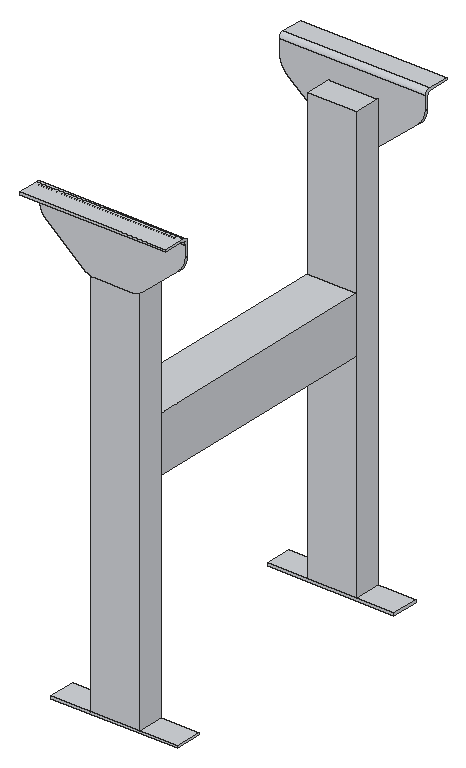
Revit family "C2101", category Specialty Equipment, Revit 2025
Family settings
  Round Connector Dimension = Use Diameter
  Part Type = Normal
  Work Plane-Based = Yes
  Enable Cutting in Views = No
  Always vertical = Yes
  Cut with Voids When Loaded = No
  Maintain Annotation Orientation = No
  Shared = No
  Room Calculation Point = No
Parameters (values of type "C2101-18"")
  Lookup Table Name 3 [instance] = "LEG_SUPPORT_D"
  Lookup Table Name 2 [instance] = "LEG_SUPPORT"
  Lookup Table Name [instance] = "LEG_SUPPORT_F"
  G [instance] = size_lookup(Lookup Table Name 2, "GG", 0' 7", Conveyor_Elevation_In, F)  # 0' - 0"
  F [instance] = size_lookup(Lookup Table Name, "FF", 0' 7", Conveyor_Elevation_In)  # 0' - 11"
  LEG_HEIGHT [instance] = Conveyor_Elevation_In - 0' 1 1/4" - 0' 0 31/256" - 0' 6 37/128"  # 1' - 10 87/256"
  Default Elevation = 4' - 0"
  D [instance] = size_lookup(Lookup Table Name 3, "DD", 1, Conveyor_Elevation_In, F)  # 1
  Cross_Member_width [instance] = CLR_NOMINAL_WIDTH - 0' 5 1/2"  # 1' - 0 1/2"
  Conveyor_Elevation_In [instance] = 2' - 6"
  CROSS_MEMBER_LOC [instance] = Cross_Member_width / 2  # 0' - 6 1/4"
  CLR_NOMINAL_WIDTH = 1' - 6"
Types (6): name | Cross_Member_width | CROSS_MEMBER_LOC | CLR_NOMINAL_WIDTH
  (no name) | 1' - 0 1/2" | 0' - 6 1/4" | 1' - 6"
  C2101-18" | 1' - 0 1/2" | 0' - 6 1/4" | 1' - 6"
  C2101-24" | 1' - 6 1/2" | 0' - 9 1/4" | 2' - 0"
  C2101-30" | 2' - 0 1/2" | 1' - 0 1/4" | 2' - 6"
  C2101-36" | 2' - 6 1/2" | 1' - 3 1/4" | 3' - 0"
  C2101-42" | 3' - 0 1/2" | 1' - 6 1/4" | 3' - 6"
Reference planes (in)
  plane 1 "Center (Front/Back)": y = 0
  plane 2 "Level": z = 0
  plane 3 "Center (Left/Right)": x = 0
  plane 4: z = 23.71
  plane 5: y = 7.64063
  plane 6: y = -36.38324
  plane 7: x = 7.5
  plane 8 "Support_Centerline": x = 3.80669
  plane 9 "LH_Out": y = 9
  plane 10 "RH_Out": y = -9
  plane 11 "Bot_of_SideFrame": z = 23.71
  plane 12: z = 33.60641
  plane 13: y = 18.02386
  plane 14: y = -26
  plane 15: z = 23.71
  plane 16: y = -7.64062
  plane 17: y = 36.38324
  plane 18: z = 23.71
  plane 19: z = 33.60641
  plane 20: z = 23.71
  plane 21: y = -9
  plane 22: y = 9
  plane 23: y = 19.38324
  plane 24 "CROSS_CENTERLINE": z = 12.71
  plane 25: z = 23.71
  plane 26: z = 12.71
  plane 27 "CROSS_CENTERLINE": z = 77.75
  plane 28: z = 88.75
  plane 29: z = 77.75
  plane 30 "Center F/E": z = 12.71
  plane 31: z = 23.71
  plane 32: z = 12.71
  plane 33: y = -0.48937
  plane 34: y = -3.25
  plane 35: y = -0.48937
  plane 36: z = 30
Forms (in)
  Extrusion 1, solid
    sketch origin (0, -27.38324, -8.29) x (0, 1, 0) y (0, 0, 1)
      loop
        line (36.38324, 32) -> (35.27386, 32)
        arc (35.27386, 32) -> (35.09708, 31.92678) -> (35.02386, 31.75) r 0.25
        line (35.02386, 31.75) -> (35.02386, 27.75) -> (35.13324, 27.75) -> (35.13324, 31.64063)
        arc (35.13324, 31.64063) -> (35.20646, 31.8174) -> (35.38324, 31.89063) r 0.25
        line (35.38324, 31.89063) -> (36.38324, 31.89063) -> (36.38324, 32)
    from 0 to 7.5
  Extrusion 2, void
    sketch origin (0, 7.64063, 24.46) x (0, 0, 1) y (1, 0, 0)
      loop
        line (-1.11719, 0) -> (-1.66256, 0)
        arc (-1.66256, 0) -> (-2.08229, 0.09235) -> (-2.4245, 0.35235) r 1
        line (-2.4245, 0.35235) -> (-4.01194, 2.21993)
        arc (-4.01194, 2.21993) -> (-4.1886, 2.52257) -> (-4.25, 2.86758) r 1
        line (-4.25, 2.86758) -> (-4.25, 3.75) -> (-4.25, 4.63242)
        arc (-4.25, 4.63242) -> (-4.1886, 4.97743) -> (-4.01194, 5.28007) r 1
        line (-4.01194, 5.28007) -> (-2.4245, 7.14765)
        arc (-2.4245, 7.14765) -> (-2.08229, 7.40765) -> (-1.66256, 7.5) r 1
        line (-1.66256, 7.5) -> (-1.11719, 7.5) -> (-1.11719, 8.36747) -> (-5.5, 8.36747) -> (-5.5, 3.75) -> (-5.5, -0.86747) -> (-1.11719, -0.86747) -> (-1.11719, 0)
    from 0 to 0.10938
  Extrusion 3, solid, not visible
    sketch origin (0, -17, 1.60641) x (0, 1, 0) y (0, 0, 1)
      loop
        line (36.38324, 32) -> (35.27386, 32)
        arc (35.27386, 32) -> (35.09708, 31.92678) -> (35.02386, 31.75) r 0.25
        line (35.02386, 31.75) -> (35.02386, 27.75) -> (35.13324, 27.75) -> (35.13324, 31.64063)
        arc (35.13324, 31.64063) -> (35.20646, 31.8174) -> (35.38324, 31.89063) r 0.25
        line (35.38324, 31.89063) -> (36.38324, 31.89063) -> (36.38324, 32)
    from 0 to 7.5
  Extrusion 4, void, not visible
    sketch origin (0, 18.02386, -45.74719) x (0, 0, 1) y (1, 0, 0)
      loop
        line (-1.11719, 0) -> (-1.66256, 0)
        arc (-1.66256, 0) -> (-2.08229, 0.09235) -> (-2.4245, 0.35235) r 1
        line (-2.4245, 0.35235) -> (-4.01194, 2.21993)
        arc (-4.01194, 2.21993) -> (-4.1886, 2.52257) -> (-4.25, 2.86758) r 1
        line (-4.25, 2.86758) -> (-4.25, 3.75) -> (-4.25, 4.63242)
        arc (-4.25, 4.63242) -> (-4.1886, 4.97743) -> (-4.01194, 5.28007) r 1
        line (-4.01194, 5.28007) -> (-2.4245, 7.14765)
        arc (-2.4245, 7.14765) -> (-2.08229, 7.40765) -> (-1.66256, 7.5) r 1
        line (-1.66256, 7.5) -> (-1.11719, 7.5) -> (-1.11719, 8.36747) -> (-5.5, 8.36747) -> (-5.5, 3.75) -> (-5.5, -0.86747) -> (-1.11719, -0.86747) -> (-1.11719, 0)
    from 0 to 0.10938
  Extrusion 5, solid
    sketch origin (0, -9.38324, -8.29) x (0, 1, 0) y (0, 0, 1)
      loop
        line (0.38324, 32) -> (0.38324, 31.89063) -> (1.38324, 31.89063)
        arc (1.38324, 31.89063) -> (1.56001, 31.8174) -> (1.63324, 31.64063) r 0.25
        line (1.63324, 31.64063) -> (1.63324, 27.75) -> (1.74261, 27.75) -> (1.74261, 31.75)
        arc (1.74261, 31.75) -> (1.66939, 31.92678) -> (1.49261, 32) r 0.25
        line (1.49261, 32) -> (0.38324, 32)
    from 0 to 7.5
  Extrusion 6, void
    sketch origin (0, -7.64062, 24.46) x (0, 0, 1) y (-1, 0, 0)
      loop
        line (-1.11719, 0) -> (-1.11719, 0.86747) -> (-5.5, 0.86747) -> (-5.5, -3.75) -> (-5.5, -8.36747) -> (-1.11719, -8.36747) -> (-1.11719, -7.5) -> (-1.66256, -7.5)
        arc (-1.66256, -7.5) -> (-2.08229, -7.40765) -> (-2.4245, -7.14765) r 1
        line (-2.4245, -7.14765) -> (-4.01194, -5.28007)
        arc (-4.01194, -5.28007) -> (-4.1886, -4.97743) -> (-4.25, -4.63242) r 1
        line (-4.25, -4.63242) -> (-4.25, -3.75) -> (-4.25, -2.86758)
        arc (-4.25, -2.86758) -> (-4.1886, -2.52257) -> (-4.01194, -2.21993) r 1
        line (-4.01194, -2.21993) -> (-2.4245, -0.35235)
        arc (-2.4245, -0.35235) -> (-2.08229, -0.09235) -> (-1.66256, 0) r 1
        line (-1.66256, 0) -> (-1.11719, 0)
    from 0 to 0.10938
  Extrusion 7, solid
    sketch origin (3.80669, 0, 0) x (0, 1, 0) y (0, 0, 1)
      loop
        line (7.64063, 22.46) -> (6.26063, 22.46) -> (6.26063, 0.12016) -> (7.64063, 0.12016) -> (7.64063, 22.46)
    from -1.25 to 1.25
  Extrusion 8, solid
    sketch origin (3.80669, 0, 0) x (0, -1, 0) y (0, 0, -1)
      loop
        line (7.64062, -22.46) -> (7.64062, -0.12016) -> (6.26062, -0.12016) -> (6.26062, -22.46) -> (7.64062, -22.46)
    from -1.25 to 1.25
  Extrusion 9, solid
    sketch origin (0, 0, 0) x (0, 1, 0) y (0, 0, 1)
      loop
        line (-7.64062, 0.12109) -> (-7.64062, 0) -> (-6.26062, 0) -> (-6.26062, 0.12109) -> (-7.64062, 0.12109)
    from 0.5 to 7
  Extrusion 10, solid
    sketch origin (0, 0, 0) x (0, -1, 0) y (0, 0, -1)
      loop
        line (-7.64062, -0.12109) -> (-6.26062, -0.12109) -> (-6.26062, 0) -> (-7.64062, 0) -> (-7.64062, -0.12109)
    from 0.5 to 7
  Extrusion 11, solid
    sketch origin (3.80669, 2.76063, -65.04) x (0, 1, 0) y (0, 0, 1)
      loop
        line (-9, 79.19) -> (-9, 76.31) -> (3.5, 76.31) -> (3.5, 79.19) -> (-9, 79.19)
    from -1.25 to 1.25
  Extrusion 12, solid, not visible
    sketch origin (3.80669, 0, 0) x (0, 1, 0) y (0, 0, 1)
      loop
        line (-9, 79.19) -> (-9, 76.31) -> (3.5, 76.31) -> (3.5, 79.19) -> (-9, 79.19)
    from -1.25 to 1.25
  Extrusion 13, solid
    sketch origin (3.80669, 2.76063, -65.04) x (0, 1, 0) y (0, 0, 1)
      loop
        line (-9, 79.19) -> (-9, 76.31) -> (3.5, 76.31) -> (3.5, 79.19) -> (-9, 79.19)
    from -1.25 to 1.25
Cuts and joins
  Extrusion 2, Extrusion 6 cuts Extrusion 1
  Extrusion 6 cuts Extrusion 5
Dimensions and locks (in)
  locked: Extrusion 1 sketch curve to Extrusion 1 sketch curve at 4.25
  Extrusion 1 sketch curve to Extrusion 1 sketch curve to plane 5 = 0' - 1 23/64", 0' - 0" locked
  locked: plane 3 "Center (Left/Right)" to plane 7 at 7.5
  equal spacing: plane 9 "LH_Out", plane 1 "Center (Front/Back)", plane 10 "RH_Out"
  "CLR_NOMINAL_WIDTH": plane 9 "LH_Out" to plane 10 "RH_Out"
  locked: Extrusion 3 sketch curve to Extrusion 3 sketch curve at 4.25
  Extrusion 3 sketch curve to Extrusion 3 sketch curve to plane 13 = 0' - 1 23/64", 0' - 0" locked
  locked: Extrusion 5 sketch curve to Extrusion 5 sketch curve at 4.25
  Extrusion 5 sketch curve to plane 16 to Extrusion 5 sketch curve = 0' - 0" locked, 0' - 1 23/64"
  plane 11 "Bot_of_SideFrame" to level = 1' - 11.71"
  locked: Extrusion 7 sketch curve to plane 11 "Bot_of_SideFrame" at 1.25
  "LEG_HEIGHT": Extrusion 7 sketch curve to Extrusion 7 sketch curve
  locked: Extrusion 7 sketch curve to Extrusion 7 sketch curve at 1.38
  "LEG_HEIGHT": Extrusion 8 sketch curve to Extrusion 8 sketch curve
  locked: Extrusion 8 sketch curve to Extrusion 8 sketch curve at 1.38
  Extrusion 9 sketch curve to Extrusion 8 = 0' - 0.12016"
  Extrusion 5 to Extrusion 2 = 0' - 0 1/2"
  equal spacing: Extrusion 11 sketch curve, plane 24 "CROSS_CENTERLINE", Extrusion 11 sketch curve
  locked: Extrusion 11 sketch curve to Extrusion 11 sketch curve at 2.88
  "F": plane 25 to plane 24 "CROSS_CENTERLINE"
  plane 11 "Bot_of_SideFrame" to plane 25 = 0' - 0"
  equal spacing: Extrusion 12 sketch curve, plane 27 "CROSS_CENTERLINE", Extrusion 12 sketch curve
  locked: Extrusion 12 sketch curve to Extrusion 12 sketch curve at 2.88
  "F": plane 28 to plane 27 "CROSS_CENTERLINE"
  "F": plane 11 "Bot_of_SideFrame" to plane 26
  equal spacing: Extrusion 13 sketch curve, plane 30 "Center F/E", Extrusion 13 sketch curve
  locked: Extrusion 13 sketch curve to Extrusion 13 sketch curve at 2.88
  "F": plane 31 to plane 30 "Center F/E"
  group 4 to group 6 = 0' - 0"  (x3)
  "G": plane 26 to plane 32
  "Cross_Member_width": Extrusion 11 sketch curve to Extrusion 11 sketch curve
  "Cross_Member_width": Extrusion 12 sketch curve to Extrusion 12 sketch curve
  "Cross_Member_width": Extrusion 13 sketch curve to Extrusion 13 sketch curve
  locked: plane 36 to plane 11 "Bot_of_SideFrame" at 6.29
  "Conveyor_Elevation_In": plane 36 to level
  aligned and locked: level to plane 2 "Level"
  aligned and locked: plane 7 to Extrusion 1
  aligned and locked: plane 11 "Bot_of_SideFrame" to plane 20
  aligned and locked: plane 10 "RH_Out" to plane 21
  aligned and locked: plane 22 to plane 9 "LH_Out"
  aligned and locked: plane 11 "Bot_of_SideFrame" to plane 18
  aligned and locked: Extrusion 7 sketch curve to cut or joined group of Extrusion 1, Extrusion 2, Extrusion 6
  aligned and locked: Extrusion 9 to Extrusion 8
  aligned and locked: Extrusion 7 to Extrusion 11
  aligned and locked: Extrusion 11 to Extrusion 7  (x2)
  aligned and locked: plane 8 "Support_Centerline" to connector elem
Automatic sketch dimensions
  Extrusion 1 sketch curve to plane 4 = 0' - 0"
  Extrusion 1 sketch curve to Extrusion 1 sketch curve = 0' - 0 7/64"  (x2)
  Extrusion 1 sketch curve to plane 5 = 0' - 0 1/4"
  Extrusion 1 sketch curve to plane 4 = 0' - 0 7/64"
  Extrusion 1 to Extrusion 2 sketch curve = 0' - 0 3/4"
  Extrusion 1 to Extrusion 2 sketch curve = 0' - 0"
  Extrusion 2 sketch curve to Extrusion 1 = 0' - 0"
  Extrusion 2 sketch curve to Extrusion 1 = 0' - 0 1/2"
  Extrusion 1 to Extrusion 2 sketch curve = 0' - 0.98806"  (x2)
  Extrusion 2 sketch curve to Extrusion 2 sketch curve = 0' - 1"  (x2)
  Extrusion 2 sketch curve to Extrusion 1 = 0' - 0.35235"  (x2)
  Extrusion 1 to Extrusion 2 sketch curve = 0' - 2.5755"  (x2)
  Extrusion 2 sketch curve to Extrusion 2 sketch curve = 0' - 0.76194"  (x2)
  Extrusion 2 sketch curve to Extrusion 1 = 0' - 0 15/128"  (x2)
  Extrusion 1 to Extrusion 2 sketch curve = 0' - 0.86747"  (x2)
  Extrusion 2 sketch curve to Extrusion 1 = 0' - 2.21993"
  Extrusion 2 sketch curve to Extrusion 2 sketch curve = 0' - 0.88242"  (x3)
  Extrusion 3 sketch curve to plane 12 = 0' - 0"
  Extrusion 3 sketch curve to Extrusion 3 sketch curve = 0' - 0 7/64"  (x2)
  Extrusion 3 sketch curve to plane 13 = 0' - 0 1/4"
  Extrusion 3 sketch curve to plane 12 = 0' - 0 7/64"
  Extrusion 4 sketch curve to Extrusion 3 = 6' - 7.35359"
  Extrusion 3 to Extrusion 4 sketch curve = 0' - 0"
  Extrusion 4 sketch curve to Extrusion 3 = 0' - 0"
  Extrusion 4 sketch curve to Extrusion 3 = 6' - 8.60359"
  Extrusion 4 sketch curve to Extrusion 3 = 6' - 7.11553"  (x2)
  Extrusion 4 sketch curve to Extrusion 4 sketch curve = 0' - 1"  (x2)
  Extrusion 4 sketch curve to Extrusion 3 = 0' - 0.35235"  (x2)
  Extrusion 4 sketch curve to Extrusion 3 = 6' - 5.52809"  (x2)
  Extrusion 4 sketch curve to Extrusion 4 sketch curve = 0' - 0.76194"  (x2)
  Extrusion 4 sketch curve to Extrusion 3 = 6' - 8.22078"  (x2)
  Extrusion 3 to Extrusion 4 sketch curve = 0' - 0.86747"  (x2)
  Extrusion 4 sketch curve to Extrusion 3 = 0' - 2.21993"
  Extrusion 4 sketch curve to Extrusion 4 sketch curve = 0' - 0.88242"  (x3)
  Extrusion 5 sketch curve to plane 15 = 0' - 0"
  Extrusion 5 sketch curve to Extrusion 5 sketch curve = 0' - 0 7/64"  (x2)
  plane 16 to Extrusion 5 sketch curve = 0' - 0 1/4"
  Extrusion 5 sketch curve to plane 15 = 0' - 0 7/64"
  Extrusion 5 to Extrusion 6 sketch curve = 0' - 0"
  Extrusion 6 sketch curve to Extrusion 5 = 0' - 0"
  Extrusion 6 sketch curve to Extrusion 6 sketch curve = 0' - 1"  (x2)
  Extrusion 5 to Extrusion 6 sketch curve = 0' - 0.35235"  (x2)
  Extrusion 6 sketch curve to Extrusion 6 sketch curve = 0' - 0.76194"  (x2)
  Extrusion 6 sketch curve to Extrusion 5 = 0' - 0.86747"  (x2)
  Extrusion 5 to Extrusion 6 sketch curve = 0' - 2.21993"
  Extrusion 6 sketch curve to Extrusion 6 sketch curve = 0' - 0.88242"  (x3)
  Extrusion 5 to Extrusion 6 sketch curve = 0' - 0 3/4"  (x2)
  Extrusion 6 sketch curve to Extrusion 5 = 0' - 0 1/2"  (x2)
  Extrusion 5 to Extrusion 6 sketch curve = 0' - 0.98806"  (x4)
  Extrusion 5 to Extrusion 6 sketch curve = 0' - 2.5755"  (x4)
  Extrusion 6 sketch curve to Extrusion 5 = 0' - 0 15/128"  (x4)
  level to Extrusion 9 sketch curve = 0' - 0 31/256"
  Extrusion 9 sketch curve to plane 10 "RH_Out" = 0' - 1 23/64"
  Extrusion 9 sketch curve to Extrusion 9 sketch curve = 0' - 1.38"
  Extrusion 10 sketch curve to level = 0' - 0"
  level to Extrusion 10 sketch curve = 0' - 0 31/256"
  plane 9 "LH_Out" to Extrusion 10 sketch curve = 0' - 1 23/64"
  Extrusion 10 sketch curve to Extrusion 10 sketch curve = 0' - 1.38"
  Extrusion 8 sketch curve to plane 11 "Bot_of_SideFrame" = 0' - 1 1/4"
  Extrusion 8 sketch curve to plane 10 "RH_Out" = 0' - 2.73938"
Connectors (in)
  cabletrayconduit at (3.80669, 0, 23.71), diameter 6
    settings: index 1, connector width 1' - 0", connector height 1' - 0", connector angle 0.00°, system type 32, placement type 0, profile type 0, connector reference index -1, is primary connector yes, connector utility param no, connector description ""
